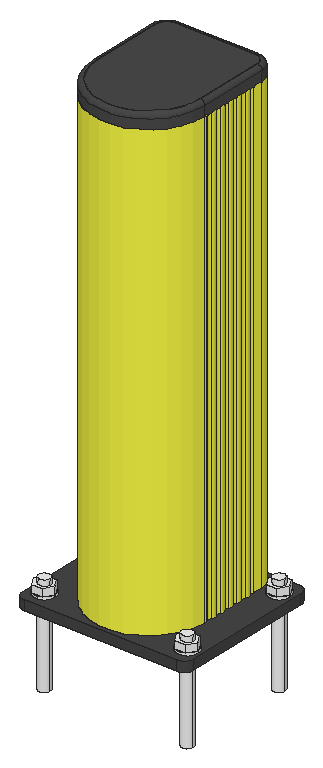
Revit family "Safety & Protection_Bollard_UltiGroup_Bollard GRD", category Generic Models, Revit 2016
Family settings
  Part Type = Normal
  Can host rebar = No
  Round Connector Dimension = Use Diameter
  OmniClass Number = 23.40.10.14.27
  OmniClass Title = Bollards
  Work Plane-Based = No
  Always vertical = Yes
  Cut with Voids When Loaded = No
  Shared = No
  Room Calculation Point = No
Parameters (values of type "Bollard GRD 150 500")
  URL = "www.ultigroup.co.nz"
  Toll Free Phone = "0800 807 753"
  StyleOrType_ANZRS = ""
  Bollard 90 Support Height = 150 mm
  Steel Black = Steel Black
  Stainless Steel = SS Bolts
  Send Message = "http://ultigroup.co.nz/contact-ulti-group/"
  SS Bolts = yes
  Plate Length 2 = 160 mm
  Plate Length 1 = 180 mm
  Phone = "07 974 4691"
  PVC Yellow = PVC Yellow
  PVC Post Insert = 10 mm
  PVC Black = PVC Black
  Bollard 90 Height - Plate = 240 mm
  Bollard GRD 90 = no
  Bollard GRD 150 = yes
  ModifiedIssue_ANZRS = 0
  Model = "Bollard GRD 150 500"
  Manufacturer = "UltiGroup"
  InstallationGroup_ANZRS = 0
  FireRating_ANZRS = ""
  FilterObject_ANZRS = ""
  Fax = "07 846 2467"
  Description = "Impactable PVC Bollard"
  CreatedBy_ANZRS = "UltiGroup"
  CreatedByURL_ANZRS = "www.ultigroup.co.nz"
  CreatedByPhoneNo_ANZRS = "07 974 4691"
  Bollard 150 Support Height = 300 mm
  Bollard 150 Height - Plate = 490 mm
  Address = "17 McKee Street, Te Rapa, Hamilton, 3200, New Zealand"
  AcousticRating_ANZRS = ""
Types (5, lengths in mm): name | Bollard GRD 90 | Bollard GRD 150 | Model | Bollard 150 Height - Plate
  (no name) | no | yes | "Bollard GRD 150 500" | 490
  Bollard GRD 150 500 | no | yes | "Bollard GRD 150 500" | 490
  Bollard GRD 90 250 | yes | no | "Bollard GRD 90 250" | 490
  Bollard GRD 150 800 | no | yes | "Bollard GRD 150 800" | 790
  Bollard GRD 150 1100 | no | yes | "Bollard GRD 150 1100" | 1090
Reference planes
  plane 1 "Center (Front/Back)": y = 0
  plane 2: z = 0
  plane 3 "Center (Left/Right)": x = 0
  plane 4: z = 250
  plane 5: x = -90
  plane 6: x = 90
  plane 7: y = 80
  plane 8: y = -80
  plane 9: z = 10
  plane 10: z = 235
  plane 11: y = 75.017
  plane 12: y = -75.093
  plane 13: x = 58.337
  plane 14: x = -58.327
  plane 15: z = 150
  plane 16: y = -35
  plane 17: y = 35
  plane 18: z = -80
  plane 19: y = 45
  plane 20: x = 35
  plane 21: x = -35
  plane 22: z = 300
  plane 23: z = 500
  plane 24: z = 485
  plane 25: x = -60
  plane 26: x = 60
  plane 27: y = 60
  plane 28: y = -60
Forms (mm)
  Extrusion 1, solid, material "Steel Black" <- "Steel Black", visible <- "Bollard GRD 150"
    sketch origin (-750, 0, 0) x (1, 0, 0) y (0, 1, 0)
      loop
        line (660, 70) -> (660, -70)
        arc (660, -70) -> (662.929, -77.071) -> (670, -80) r 10
        line (670, -80) -> (830, -80)
        arc (830, -80) -> (837.071, -77.071) -> (840, -70) r 10
        line (840, -70) -> (840, 70)
        arc (840, 70) -> (837.071, 77.071) -> (830, 80) r 10
        line (830, 80) -> (670, 80)
        arc (670, 80) -> (662.929, 77.071) -> (660, 70) r 10
      loop
        circle (825, 60) r 6
      loop
        circle (825, -60) r 6
      loop
        circle (675, -60) r 6
      loop
        circle (675, 60) r 6
    from 0 to 10
  Extrusion 2, solid, material "PVC Yellow" <- "PVC Yellow", visible <- "Bollard GRD 150"
    sketch origin (-3190.483, -1524, 10) x (-1, 0, 0) y (0, -1, 0)
      loop
        line (-3132.156, -1582.369) -> (-3132.156, -1572.129)
        arc (-3132.156, -1572.129) -> (-3132.241, -1571.604) -> (-3132.441, -1571.112) r 2.358
        arc (-3132.441, -1571.112) -> (-3132.98, -1568.416) -> (-3132.012, -1565.843) r 5.003
        arc (-3132.012, -1565.843) -> (-3131.325, -1563.045) -> (-3132.296, -1560.333) r 5
        arc (-3132.296, -1560.333) -> (-3132.985, -1557.53) -> (-3132.01, -1554.813) r 5
        arc (-3132.01, -1554.813) -> (-3131.324, -1552.015) -> (-3132.295, -1549.304) r 5
        arc (-3132.295, -1549.304) -> (-3132.984, -1546.5) -> (-3132.009, -1543.783) r 4.999
        arc (-3132.009, -1543.783) -> (-3131.323, -1540.986) -> (-3132.294, -1538.274) r 5.001
        arc (-3132.294, -1538.274) -> (-3132.985, -1535.469) -> (-3132.009, -1532.751) r 5
        arc (-3132.009, -1532.751) -> (-3131.324, -1529.954) -> (-3132.295, -1527.244) r 5
        arc (-3132.295, -1527.244) -> (-3132.986, -1524.438) -> (-3132.009, -1521.718) r 5
        arc (-3132.009, -1521.718) -> (-3131.324, -1518.921) -> (-3132.294, -1516.211) r 5
        arc (-3132.294, -1516.211) -> (-3132.986, -1513.91) -> (-3132.525, -1511.553) r 5
        arc (-3132.525, -1511.553) -> (-3132.29, -1510.786) -> (-3132.156, -1509.995) r 6.16
        line (-3132.156, -1509.995) -> (-3132.156, -1506.365)
        arc (-3132.156, -1506.365) -> (-3190.921, -1448.909) -> (-3248.82, -1507.241) r 58.333
        line (-3248.82, -1507.241) -> (-3248.82, -1509.88)
        arc (-3248.82, -1509.88) -> (-3248.689, -1510.729) -> (-3248.44, -1511.552) r 6.16
        arc (-3248.44, -1511.552) -> (-3247.999, -1514.162) -> (-3248.951, -1516.632) r 5
        arc (-3248.951, -1516.632) -> (-3249.643, -1519.438) -> (-3248.666, -1522.158) r 5
        arc (-3248.666, -1522.158) -> (-3247.98, -1524.955) -> (-3248.951, -1527.666) r 5
        arc (-3248.951, -1527.666) -> (-3249.643, -1530.471) -> (-3248.666, -1533.191) r 5
        arc (-3248.666, -1533.191) -> (-3247.982, -1535.987) -> (-3248.952, -1538.697) r 5
        arc (-3248.952, -1538.697) -> (-3249.643, -1541.502) -> (-3248.667, -1544.22) r 5
        arc (-3248.667, -1544.22) -> (-3247.982, -1547.016) -> (-3248.952, -1549.726) r 5
        arc (-3248.952, -1549.726) -> (-3249.643, -1552.531) -> (-3248.667, -1555.25) r 5
        arc (-3248.667, -1555.25) -> (-3247.982, -1558.046) -> (-3248.953, -1560.756) r 5
        arc (-3248.953, -1560.756) -> (-3249.643, -1563.561) -> (-3248.667, -1566.279) r 5
        arc (-3248.667, -1566.279) -> (-3247.978, -1568.668) -> (-3248.525, -1571.093) r 4.999
        arc (-3248.525, -1571.093) -> (-3248.732, -1571.591) -> (-3248.82, -1572.124) r 2.363
        line (-3248.82, -1572.124) -> (-3248.82, -1582.342)
        arc (-3248.82, -1582.342) -> (-3243.936, -1594.133) -> (-3232.145, -1599.017) r 16.675
        line (-3232.145, -1599.017) -> (-3148.804, -1599.017)
        arc (-3148.804, -1599.017) -> (-3137.032, -1594.141) -> (-3132.156, -1582.369) r 16.648
      loop
        line (-3232.149, -1507.334) -> (-3232.149, -1570.668)
        arc (-3232.149, -1570.668) -> (-3228.732, -1578.917) -> (-3220.483, -1582.334) r 11.666
        line (-3220.483, -1582.334) -> (-3160.682, -1582.334)
        arc (-3160.682, -1582.334) -> (-3152.304, -1578.989) -> (-3148.816, -1570.669) r 11.667
        line (-3148.816, -1570.669) -> (-3148.816, -1507.334)
        arc (-3148.816, -1507.334) -> (-3190.482, -1465.668) -> (-3232.149, -1507.334) r 41.667
    from 0 to 475
  Extrusion 3, solid, material "SS Bolts" <- "Stainless Steel", visible <- "Bollard GRD 150"
    sketch origin (-3190.483, -1524, -80) x (-1, 0, 0) y (0, -1, 0)
      loop
        circle (-3265.483, -1584) r 6
      loop
        circle (-3115.483, -1584) r 6
      loop
        circle (-3265.483, -1464) r 6
      loop
        circle (-3115.483, -1464) r 6
    from 0 to 105
  Extrusion 4, solid, material "SS Bolts" <- "Stainless Steel", visible <- "Bollard GRD 150"
    sketch origin (-750, 0, 10) x (1, 0, 0) y (0, 1, 0)
      loop
        circle (825, -60) r 6
      loop
        circle (675, -60) r 6
      loop
        circle (825, 60) r 6
      loop
        circle (675, 60) r 6
      loop
        circle (825, 60) r 11
      loop
        circle (675, 60) r 11
      loop
        circle (675, -60) r 11
      loop
        circle (825, -60) r 11
    from 0 to 2
  Extrusion 5, solid, material "SS Bolts" <- "Stainless Steel", visible <- "Bollard GRD 150"
    sketch origin (-750, 0, 12) x (1, 0, 0) y (0, 1, 0)
      loop
        circle (825, -60) r 6
      loop
        circle (675, -60) r 6
      loop
        circle (675, 60) r 6
      loop
        circle (825, 60) r 6
      loop
        line (686, 60) -> (680.5, 69.526) -> (669.5, 69.526) -> (664, 60) -> (669.5, 50.474) -> (680.5, 50.474) -> (686, 60)
      loop
        line (836, 60) -> (830.5, 69.526) -> (819.5, 69.526) -> (814, 60) -> (819.5, 50.474) -> (830.5, 50.474) -> (836, 60)
      loop
        line (836, -60) -> (830.5, -50.474) -> (819.5, -50.474) -> (814, -60) -> (819.5, -69.526) -> (830.5, -69.526) -> (836, -60)
      loop
        line (686, -60) -> (680.5, -50.474) -> (669.5, -50.474) -> (664, -60) -> (669.5, -69.526) -> (680.5, -69.526) -> (686, -60)
    from 0 to 8
  Extrusion 6, solid, material "SS Bolts" <- "Stainless Steel", visible <- "Bollard GRD 150"
    sketch origin (-750, 0, 0) x (1, 0, 0) y (0, 1, 0)
      loop
        arc (720.199, 58.334) -> (711.821, 54.989) -> (708.333, 46.669) r 11.667
        line (708.333, 46.669) -> (708.333, -16.666)
        arc (708.333, -16.666) -> (749.999, -58.332) -> (791.666, -16.666) r 41.667
        line (791.666, -16.666) -> (791.666, 46.668)
        arc (791.666, 46.668) -> (788.249, 54.917) -> (780, 58.334) r 11.666
        line (780, 58.334) -> (720.199, 58.334)
      loop
        arc (720.181, 56.334) -> (713.228, 53.568) -> (710.333, 46.669) r 9.667
        line (710.333, 46.669) -> (710.333, -16.666)
        arc (710.333, -16.666) -> (749.999, -56.332) -> (789.666, -16.666) r 39.667
        line (789.666, -16.666) -> (789.666, 46.668)
        arc (789.666, 46.668) -> (786.835, 53.503) -> (780, 56.334) r 9.666
        line (780, 56.334) -> (720.181, 56.334)
    from 0 to 300
  Extrusion 7, solid, material "PVC Yellow" <- "PVC Yellow", visible <- "Bollard GRD 90"
    sketch origin (-3190.483, -1524, 10) x (-1, 0, 0) y (0, -1, 0)
      loop
        line (-3215.483, -1569) -> (-3165.483, -1569)
        arc (-3165.483, -1569) -> (-3158.412, -1566.07) -> (-3155.483, -1558.999) r 10
        line (-3155.483, -1558.999) -> (-3155.483, -1553.03)
        arc (-3155.483, -1553.03) -> (-3155.516, -1552.63) -> (-3155.659, -1552.256) r 1.417
        arc (-3155.659, -1552.256) -> (-3155.987, -1550.8) -> (-3155.573, -1549.367) r 3
        arc (-3155.573, -1549.367) -> (-3154.988, -1547.736) -> (-3155.402, -1546.053) r 3
        arc (-3155.402, -1546.053) -> (-3155.984, -1544.427) -> (-3155.573, -1542.749) r 3
        arc (-3155.573, -1542.749) -> (-3154.987, -1541.118) -> (-3155.402, -1539.435) r 3
        arc (-3155.402, -1539.435) -> (-3155.984, -1537.809) -> (-3155.573, -1536.132) r 3
        arc (-3155.573, -1536.132) -> (-3154.987, -1534.5) -> (-3155.402, -1532.818) r 3
        arc (-3155.402, -1532.818) -> (-3155.984, -1531.192) -> (-3155.573, -1529.514) r 3
        arc (-3155.573, -1529.514) -> (-3154.987, -1527.882) -> (-3155.402, -1526.199) r 3
        arc (-3155.402, -1526.199) -> (-3155.985, -1524.572) -> (-3155.573, -1522.894) r 3
        arc (-3155.573, -1522.894) -> (-3154.987, -1521.262) -> (-3155.402, -1519.579) r 3
        arc (-3155.402, -1519.579) -> (-3155.974, -1518.097) -> (-3155.708, -1516.531) r 3
        arc (-3155.708, -1516.531) -> (-3155.563, -1516.051) -> (-3155.483, -1515.556) r 3.696
        line (-3155.483, -1515.556) -> (-3155.483, -1514.04)
        arc (-3155.483, -1514.04) -> (-3190.483, -1479.04) -> (-3225.483, -1514.04) r 35
        line (-3225.483, -1514.04) -> (-3225.483, -1515.557)
        arc (-3225.483, -1515.557) -> (-3225.403, -1516.052) -> (-3225.258, -1516.531) r 3.696
        arc (-3225.258, -1516.531) -> (-3224.981, -1517.945) -> (-3225.396, -1519.325) r 3
        arc (-3225.396, -1519.325) -> (-3225.979, -1520.952) -> (-3225.568, -1522.63) r 3
        arc (-3225.568, -1522.63) -> (-3224.982, -1524.262) -> (-3225.396, -1525.946) r 3
        arc (-3225.396, -1525.946) -> (-3225.979, -1527.572) -> (-3225.568, -1529.25) r 3
        arc (-3225.568, -1529.25) -> (-3224.982, -1530.881) -> (-3225.397, -1532.564) r 3
        arc (-3225.397, -1532.564) -> (-3225.979, -1534.19) -> (-3225.568, -1535.868) r 3
        arc (-3225.568, -1535.868) -> (-3224.982, -1537.499) -> (-3225.397, -1539.182) r 3
        arc (-3225.397, -1539.182) -> (-3225.979, -1540.808) -> (-3225.568, -1542.485) r 3
        arc (-3225.568, -1542.485) -> (-3224.982, -1544.117) -> (-3225.397, -1545.8) r 3
        arc (-3225.397, -1545.8) -> (-3225.979, -1547.426) -> (-3225.568, -1549.103) r 3
        arc (-3225.568, -1549.103) -> (-3224.979, -1550.815) -> (-3225.483, -1552.554) r 3
        line (-3225.483, -1552.554) -> (-3225.483, -1559)
        arc (-3225.483, -1559) -> (-3222.554, -1566.071) -> (-3215.483, -1569) r 10
      loop
        arc (-3165.483, -1514) -> (-3190.483, -1489) -> (-3215.483, -1514) r 25
        line (-3215.483, -1514) -> (-3215.483, -1552)
        arc (-3215.483, -1552) -> (-3213.391, -1556.992) -> (-3208.364, -1558.999) r 7
        line (-3208.364, -1558.999) -> (-3172.483, -1558.999)
        arc (-3172.483, -1558.999) -> (-3167.534, -1556.949) -> (-3165.483, -1551.999) r 7
        line (-3165.483, -1551.999) -> (-3165.483, -1514)
    from 0 to 225
  Extrusion 8, solid, material "PVC Black" <- "PVC Black", visible <- "Bollard GRD 90"
    sketch origin (-3190.483, -1524, 235) x (-1, 0, 0) y (0, -1, 0)
      loop
        line (-3160.483, -1558.999) -> (-3160.483, -1514.04)
        arc (-3160.483, -1514.04) -> (-3190.517, -1484.04) -> (-3220.483, -1514.107) r 30
        line (-3220.483, -1514.107) -> (-3220.483, -1559)
        arc (-3220.483, -1559) -> (-3219.018, -1562.535) -> (-3215.483, -1564) r 5
        line (-3215.483, -1564) -> (-3165.484, -1564)
        arc (-3165.484, -1564) -> (-3161.948, -1562.535) -> (-3160.483, -1558.999) r 5
    from 0 to 15
  Extrusion 9, solid, material "SS Bolts" <- "Stainless Steel", visible <- "Bollard GRD 90"
    sketch origin (-750, 0, 10) x (1, 0, 0) y (0, 1, 0)
      loop
        arc (725, -10) -> (750, -35) -> (775, -10) r 25
        line (775, -10) -> (775, 28)
        arc (775, 28) -> (772.907, 32.992) -> (767.88, 34.999) r 7
        line (767.88, 34.999) -> (732, 34.999)
        arc (732, 34.999) -> (727.05, 32.949) -> (725, 27.999) r 7
        line (725, 27.999) -> (725, -10)
      loop
        arc (773, 28) -> (771.5, 31.571) -> (767.899, 32.999) r 5
        line (767.899, 32.999) -> (732, 32.999)
        arc (732, 32.999) -> (728.465, 31.535) -> (727, 27.999) r 5
        line (727, 27.999) -> (727, -10)
        arc (727, -10) -> (750, -33) -> (773, -10) r 23
        line (773, -10) -> (773, 28)
    from 0 to 140
  Sweep 10, solid, material "PVC Black" <- "PVC Black", visible <- "Bollard GRD 90"
    path in 3D
      loop
        arc (-25, 44.999, 235) -> (-32.071, 42.07, 235) -> (-35, 34.999, 235) r 10
        line (-35, 34.999, 235) -> (-35, -9.96, 235)
        arc (-35, -9.96, 235) -> (0, -44.96, 235) -> (35, -9.96, 235) r 35
        line (35, -9.96, 235) -> (35, 35, 235)
        arc (35, 35, 235) -> (32.071, 42.071, 235) -> (25, 45, 235) r 10
        line (25, 45, 235) -> (-25, 44.999, 235)
    profile origin (0, 45, 235) x (0, -1, 0) y (0, 0, 1)
      loop
        line (0, 10) -> (0, 0) -> (5, 0) -> (5, 15)
        arc (5, 15) -> (1.465, 13.536) -> (0, 10) r 5
  Sweep 11, solid, material "PVC Black" <- "PVC Black", visible <- "Bollard GRD 150"
    path in 3D
      loop
        arc (-41.679, 75.017, 485) -> (-53.451, 70.141, 485) -> (-58.327, 58.369, 485) r 16.648
        line (-58.327, 58.369, 485) -> (-58.327, -17.635, 485)
        arc (-58.327, -17.635, 485) -> (0.437, -75.091, 485) -> (58.333, -16.759, 485) r 58.333
        line (58.333, -16.759, 485) -> (58.337, 58.342, 485)
        arc (58.337, 58.342, 485) -> (53.453, 70.133, 485) -> (41.662, 75.017, 485) r 16.675
        line (41.662, 75.017, 485) -> (-41.679, 75.017, 485)
    profile origin (-0.009, 75.017, 485) x (0, -1, 0) y (0, 0, 1)
      loop
        line (5, 0) -> (5, 15)
        arc (5, 15) -> (1.464, 13.536) -> (0, 10) r 5
        line (0, 10) -> (0, 0) -> (5, 0)
  Extrusion 12, solid, material "PVC Black" <- "PVC Black", visible <- "Bollard GRD 150"
    sketch origin (-2440.483, -1524, 485) x (-1, 0, 0) y (0, -1, 0)
      loop
        arc (-2387.156, -1506.403) -> (-2440.901, -1453.909) -> (-2493.82, -1507.241) r 53.333
        line (-2493.82, -1507.241) -> (-2493.82, -1582.342)
        arc (-2493.82, -1582.342) -> (-2490.4, -1590.597) -> (-2482.145, -1594.017) r 11.675
        line (-2482.145, -1594.017) -> (-2398.804, -1594.017)
        arc (-2398.804, -1594.017) -> (-2390.568, -1590.605) -> (-2387.156, -1582.369) r 11.648
        line (-2387.156, -1582.369) -> (-2387.156, -1506.403)
    from 0 to 15
  Extrusion 13, solid, material "Steel Black" <- "Steel Black", visible <- "Bollard GRD 90"
    sketch origin (0, 0, 0) x (1, 0, 0) y (0, 1, 0)
      loop
        arc (-50, 60) -> (-57.071, 57.071) -> (-60, 50) r 10
        line (-60, 50) -> (-60, -50)
        arc (-60, -50) -> (-57.071, -57.071) -> (-50, -60) r 10
        line (-50, -60) -> (50, -60)
        arc (50, -60) -> (57.071, -57.071) -> (60, -50) r 10
        line (60, -50) -> (60, 50)
        arc (60, 50) -> (57.071, 57.071) -> (50, 60) r 10
        line (50, 60) -> (-50, 60)
      loop
        circle (45, 45) r 5
      loop
        circle (45, -45) r 5
      loop
        circle (-45, 45) r 5
      loop
        circle (-45, -45) r 5
    from 0 to 10
  Extrusion 14, solid, material "SS Bolts" <- "Stainless Steel", visible <- "Bollard GRD 90"
    sketch origin (-2440.483, -1524, -80) x (-1, 0, 0) y (0, -1, 0)
      loop
        circle (-2485.483, -1569) r 5
      loop
        circle (-2395.483, -1569) r 5
      loop
        circle (-2395.483, -1479) r 5
      loop
        circle (-2485.483, -1479) r 5
    from 0 to 105
  Extrusion 15, solid, material "SS Bolts" <- "Stainless Steel", visible <- "Bollard GRD 90"
    sketch origin (-2440.483, -1524, 10) x (-1, 0, 0) y (0, -1, 0)
      loop
        circle (-2485.483, -1569) r 11
      loop
        circle (-2485.483, -1479) r 11
      loop
        circle (-2395.483, -1479) r 11
      loop
        circle (-2395.483, -1569) r 11
    from 0 to 2
  Extrusion 16, solid, material "SS Bolts" <- "Stainless Steel", visible <- "Bollard GRD 90"
    sketch origin (-2440.483, -1524, 10) x (-1, 0, 0) y (0, -1, 0)
      loop
        line (-2405.483, -1569) -> (-2400.483, -1577.66) -> (-2390.483, -1577.66) -> (-2385.483, -1569) -> (-2390.483, -1560.34) -> (-2400.483, -1560.34) -> (-2405.483, -1569)
      loop
        circle (-2395.483, -1569) r 5
      loop
        line (-2495.483, -1569) -> (-2490.483, -1577.66) -> (-2480.483, -1577.66) -> (-2475.483, -1569) -> (-2480.483, -1560.34) -> (-2490.483, -1560.34) -> (-2495.483, -1569)
      loop
        circle (-2485.483, -1569) r 5
      loop
        line (-2405.483, -1479) -> (-2400.483, -1487.66) -> (-2390.483, -1487.66) -> (-2385.483, -1479) -> (-2390.483, -1470.34) -> (-2400.483, -1470.34) -> (-2405.483, -1479)
      loop
        circle (-2395.483, -1479) r 5
      loop
        line (-2495.483, -1479) -> (-2490.483, -1487.66) -> (-2480.483, -1487.66) -> (-2475.483, -1479) -> (-2480.483, -1470.34) -> (-2490.483, -1470.34) -> (-2495.483, -1479)
      loop
        circle (-2485.483, -1479) r 5
    from 0 to 10
Cuts and joins
  joined: Extrusion 14, Extrusion 15, Extrusion 16
Lines and regions (mm)
  sketch lines
    curve 1: line (25, 45, 235) -> (-25, 45, 235)
    curve 2: arc (-35, 34.999, 235) -> (-32.071, 42.07, 235) -> (-25, 44.999, 235) r 10
    curve 3: line (-35, 34.999, 235) -> (-35, -9.96, 235)
    curve 4: arc (35, -9.96, 235) -> (0, -44.96, 235) -> (-35, -9.96, 235) r 35
    curve 5: line (35, -9.96, 235) -> (35, 35, 235)
    curve 6: arc (25, 45, 235) -> (32.071, 42.071, 235) -> (35, 35, 235) r 10
    curve 7: line (41.662, 75.017, 485) -> (-41.679, 75.017, 485)
    curve 8: arc (-58.327, 58.369, 485) -> (-53.451, 70.141, 485) -> (-41.679, 75.017, 485) r 16.648
    curve 9: line (-58.327, 58.369, 485) -> (-58.327, -17.635, 485)
    curve 10: arc (58.333, -16.759, 485) -> (0.437, -75.091, 485) -> (-58.327, -17.635, 485) r 58.333
    curve 11: line (58.337, -16.759, 485) -> (58.337, 58.342, 485)
    curve 12: arc (41.662, 75.017, 485) -> (53.453, 70.133, 485) -> (58.337, 58.342, 485) r 16.675
Dimensions and locks
  plane 5 to plane 6 = 180 mm
  equal spacing: plane 7, plane 1 "Center (Front/Back)", plane 8
  "Plate Length 2": plane 7 to plane 8
  "Plate Length 1": plane 5 to plane 6
  locked: plane 4 to plane 10 at 15
  locked: plane 7 to plane 11 at 4.983
  locked: plane 12 to plane 8 at 4.907
  locked: plane 6 to plane 13 at 31.663
  locked: plane 14 to plane 5 at 31.673
  "Bollard 90 Support Height": plane 15 to level
  locked: plane 16 to plane 1 "Center (Front/Back)" at 35
  locked: plane 1 "Center (Front/Back)" to plane 17 at 35
  "PVC Post Insert": plane 9 to level
  "Bollard 90 Height - Plate": plane 4 to plane 9
  locked: level to plane 18 at 80
  locked: plane 11 to plane 19 at 30.017
  locked: plane 13 to plane 20 at 23.337
  locked: plane 21 to plane 14 at 23.327
  locked: plane 21 to plane 3 "Center (Left/Right)" at 35
  locked: plane 3 "Center (Left/Right)" to plane 20 at 35
  "Bollard 150 Support Height": plane 22 to level
  locked: plane 23 to plane 24 at 15
  "Bollard 150 Height - Plate": plane 23 to plane 9
  locked: plane 25 to plane 3 "Center (Left/Right)" at 60
  locked: plane 3 "Center (Left/Right)" to plane 26 at 60
  locked: plane 1 "Center (Front/Back)" to plane 27 at 60
  locked: plane 28 to plane 1 "Center (Front/Back)" at 60
  aligned and locked: level to plane 2
  aligned and locked: Extrusion 1 sketch curve to plane 5
  aligned and locked: Extrusion 1 sketch curve to plane 6
  aligned and locked: plane 14 to Extrusion 2 sketch curve
  aligned and locked: plane 13 to Extrusion 2 sketch curve
  aligned and locked: plane 4 to Extrusion 8
  aligned and locked: plane 15 to Extrusion 9
  aligned and locked: Extrusion 7 to plane 10
  aligned and locked: profile plane to Sweep 10 sketch curve  (x2)
  aligned and locked: Sweep 10 sketch curve to Extrusion 8
  aligned and locked: plane 22 to Extrusion 6
  aligned and locked: Extrusion 2 to plane 24
  aligned and locked: profile plane to Sweep 11 sketch curve  (x2)
  aligned and locked: Sweep 11 to Extrusion 12 sketch curve
  aligned and locked: Extrusion 12 sketch curve to Sweep 11  (x3)
  aligned and locked: plane 23 to Extrusion 12
  aligned and locked: Extrusion 13 sketch curve to plane 27
  aligned and locked: Extrusion 13 sketch curve to plane 28
  aligned and locked: plane 26 to Extrusion 13 sketch curve
  aligned and locked: plane 25 to Extrusion 13 sketch curve
  aligned and locked: plane 9 to Extrusion 13
  aligned and locked: Extrusion 14 sketch curve to Extrusion 13  (x8)
  aligned and locked: Extrusion 16 sketch curve to cut or joined group of Extrusion 14, Extrusion 15, Extrusion 16  (x8)
Automatic sketch dimensions
  Extrusion 1 sketch curve to plane 7 = 0 mm
  Extrusion 1 sketch curve to plane 8 = 0 mm
  Extrusion 1 sketch curve to plane 11 = 5.017 mm
  plane 5 to Extrusion 1 sketch curve = 10 mm
  Extrusion 1 sketch curve to Extrusion 1 sketch curve = 5 mm  (x2)
  Extrusion 1 sketch curve to plane 6 = 15 mm  (x2)
  Extrusion 1 sketch curve to plane 6 = 10 mm
  plane 12 to Extrusion 1 sketch curve = 5.093 mm
  Extrusion 1 sketch curve to Extrusion 1 sketch curve = 10 mm  (x4)
  Extrusion 2 sketch curve to plane 13 = 0 mm
  plane 11 to Extrusion 2 sketch curve = 0 mm
  Extrusion 2 sketch curve to plane 14 = 0 mm
  Extrusion 2 sketch curve to plane 1 "Center (Front/Back)" = 0.696 mm  (x2)
  Extrusion 2 sketch curve to plane 13 = 4.154 mm  (x2)
  Extrusion 2 sketch curve to plane 13 = 4.155 mm  (x3)
  Extrusion 2 sketch curve to plane 17 = 1.213 mm
  plane 19 to Extrusion 2 sketch curve = 0.184 mm
  Extrusion 2 sketch curve to plane 13 = 4.156 mm
  plane 13 to Extrusion 2 sketch curve = 2.361 mm
  plane 13 to Extrusion 2 sketch curve = 4.17 mm
  plane 13 to Extrusion 2 sketch curve = 4.171 mm  (x4)
  plane 13 to Extrusion 2 sketch curve = 6.139 mm
  Extrusion 2 sketch curve to plane 19 = 1.668 mm
  Extrusion 2 sketch curve to plane 20 = 6.666 mm
  Extrusion 2 sketch curve to plane 20 = 6.662 mm
  plane 20 to Extrusion 2 sketch curve = 5 mm
  Extrusion 2 sketch curve to plane 21 = 5.199 mm
  Extrusion 2 sketch curve to plane 19 = 1.669 mm
  plane 21 to Extrusion 2 sketch curve = 6.679 mm
  Extrusion 2 sketch curve to plane 14 = 6.128 mm
  Extrusion 2 sketch curve to plane 14 = 4.163 mm
  Extrusion 2 sketch curve to plane 14 = 4.162 mm
  Extrusion 2 sketch curve to plane 14 = 4.161 mm  (x3)
  Extrusion 2 sketch curve to plane 14 = 2.355 mm
  plane 19 to Extrusion 2 sketch curve = 0.178 mm
  plane 14 to Extrusion 2 sketch curve = 4.162 mm
  plane 14 to Extrusion 2 sketch curve = 4.163 mm
  Extrusion 2 sketch curve to plane 17 = 1.211 mm
  plane 14 to Extrusion 2 sketch curve = 4.164 mm  (x3)
  plane 14 to Extrusion 2 sketch curve = 4.165 mm
  Extrusion 2 sketch curve to plane 19 = 3.242 mm  (x2)
  Extrusion 2 sketch curve to Extrusion 2 sketch curve = 0.112 mm
  Extrusion 2 sketch curve to Extrusion 2 sketch curve = 0.118 mm
  plane 17 to Extrusion 2 sketch curve = 4.303 mm  (x2)
  Extrusion 2 sketch curve to plane 17 = 6.726 mm
  Extrusion 2 sketch curve to plane 17 = 6.727 mm
  Extrusion 2 sketch curve to Extrusion 2 sketch curve = 5.515 mm
  Extrusion 2 sketch curve to Extrusion 2 sketch curve = 5.516 mm  (x2)
  Extrusion 2 sketch curve to Extrusion 2 sketch curve = 5.514 mm  (x2)
  Extrusion 2 sketch curve to Extrusion 2 sketch curve = 5.517 mm  (x2)
  Extrusion 2 sketch curve to plane 1 "Center (Front/Back)" = 6.214 mm  (x2)
  plane 1 "Center (Front/Back)" to Extrusion 2 sketch curve = 4.82 mm  (x2)
  Extrusion 2 sketch curve to Extrusion 2 sketch curve = 5.518 mm
  Extrusion 2 sketch curve to Extrusion 2 sketch curve = 3.668 mm
  Extrusion 2 sketch curve to Extrusion 2 sketch curve = 3.782 mm
  Extrusion 2 sketch curve to Extrusion 2 sketch curve = 0.628 mm
  Extrusion 2 sketch curve to Extrusion 2 sketch curve = 0.514 mm
  plane 1 "Center (Front/Back)" to Extrusion 2 sketch curve = 16.666 mm
  Extrusion 2 sketch curve to Extrusion 2 sketch curve = 0.094 mm
  Extrusion 2 sketch curve to Extrusion 2 sketch curve = 3.63 mm
  Extrusion 2 sketch curve to plane 13 = 0.131 mm  (x2)
  Extrusion 2 sketch curve to plane 13 = 0.132 mm  (x2)
  Extrusion 2 sketch curve to plane 13 = 0.133 mm
  plane 13 to Extrusion 2 sketch curve = 0.153 mm  (x3)
  plane 13 to Extrusion 2 sketch curve = 0.154 mm  (x2)
  plane 13 to Extrusion 2 sketch curve = 0.295 mm
  Extrusion 2 sketch curve to plane 14 = 0.369 mm
  Extrusion 2 sketch curve to plane 14 = 0.285 mm
  Extrusion 2 sketch curve to plane 14 = 0.14 mm
  Extrusion 2 sketch curve to plane 14 = 0.139 mm  (x2)
  Extrusion 2 sketch curve to plane 14 = 0.138 mm  (x2)
  plane 14 to Extrusion 2 sketch curve = 0.144 mm
  plane 14 to Extrusion 2 sketch curve = 0.146 mm
  plane 14 to Extrusion 2 sketch curve = 0.147 mm  (x2)
  Extrusion 2 sketch curve to Extrusion 2 sketch curve = 0 mm
  Extrusion 5 sketch curve to Extrusion 5 sketch curve = 5 mm  (x8)
  Extrusion 5 sketch curve to Extrusion 5 sketch curve = 0.5 mm  (x16)
  Extrusion 5 sketch curve to Extrusion 5 sketch curve = 0 mm  (x8)
  Extrusion 5 sketch curve to Extrusion 5 sketch curve = 9.526 mm  (x8)
  Extrusion 6 sketch curve to Extrusion 6 sketch curve = 0 mm  (x8)
  Extrusion 6 sketch curve to plane 19 = 1.669 mm
  plane 21 to Extrusion 6 sketch curve = 6.668 mm
  Extrusion 6 sketch curve to Extrusion 6 sketch curve = 2 mm
  Extrusion 6 sketch curve to plane 21 = 4.999 mm
  Extrusion 6 sketch curve to plane 21 = 5.181 mm
  plane 20 to Extrusion 6 sketch curve = 5 mm
  plane 1 "Center (Front/Back)" to Extrusion 6 sketch curve = 16.666 mm
  plane 19 to Extrusion 7 sketch curve = 0 mm
  plane 21 to Extrusion 7 sketch curve = 2.496 mm
  plane 21 to Extrusion 7 sketch curve = 2.495 mm  (x5)
  Extrusion 7 sketch curve to plane 1 "Center (Front/Back)" = 0.417 mm  (x2)
  plane 21 to Extrusion 7 sketch curve = 0 mm  (x2)
  Extrusion 7 sketch curve to plane 21 = 1.415 mm
  Extrusion 7 sketch curve to plane 21 = 2.5 mm  (x5)
  Extrusion 7 sketch curve to plane 21 = 3.681 mm
  Extrusion 7 sketch curve to Extrusion 7 sketch curve = 6.319 mm  (x2)
  Extrusion 7 sketch curve to plane 17 = 0.001 mm  (x2)
  Extrusion 7 sketch curve to Extrusion 7 sketch curve = 0 mm  (x5)
  Extrusion 7 sketch curve to Extrusion 7 sketch curve = 7 mm
  Extrusion 7 sketch curve to Extrusion 7 sketch curve = 7.12 mm
  Extrusion 7 sketch curve to plane 17 = 7 mm
  Extrusion 7 sketch curve to plane 17 = 0 mm
  plane 20 to Extrusion 7 sketch curve = 3.681 mm
  plane 20 to Extrusion 7 sketch curve = 2.5 mm  (x5)
  Extrusion 7 sketch curve to plane 20 = 0 mm  (x2)
  Extrusion 7 sketch curve to plane 20 = 2.495 mm  (x3)
  Extrusion 7 sketch curve to plane 20 = 2.496 mm  (x3)
  Extrusion 7 sketch curve to plane 17 = 6.056 mm
  Extrusion 7 sketch curve to Extrusion 7 sketch curve = 6.445 mm
  Extrusion 7 sketch curve to Extrusion 7 sketch curve = 2.055 mm
  Extrusion 7 sketch curve to Extrusion 7 sketch curve = 1.665 mm
  Extrusion 7 sketch curve to Extrusion 7 sketch curve = 4.973 mm
  Extrusion 7 sketch curve to Extrusion 7 sketch curve = 5.364 mm
  Extrusion 7 sketch curve to Extrusion 7 sketch curve = 3.309 mm  (x6)
  Extrusion 7 sketch curve to Extrusion 7 sketch curve = 3.308 mm  (x4)
  Extrusion 7 sketch curve to plane 1 "Center (Front/Back)" = 3.728 mm  (x2)
  plane 1 "Center (Front/Back)" to Extrusion 7 sketch curve = 2.893 mm  (x2)
  Extrusion 7 sketch curve to Extrusion 7 sketch curve = 3.311 mm  (x2)
  Extrusion 7 sketch curve to Extrusion 7 sketch curve = 2.24 mm  (x2)
  Extrusion 7 sketch curve to Extrusion 7 sketch curve = 0.337 mm
  Extrusion 7 sketch curve to Extrusion 7 sketch curve = 0.338 mm
  Extrusion 7 sketch curve to Extrusion 7 sketch curve = 1.516 mm
  Extrusion 7 sketch curve to Extrusion 7 sketch curve = 0.041 mm
  plane 21 to Extrusion 7 sketch curve = 0.082 mm  (x2)
  plane 21 to Extrusion 7 sketch curve = 0.081 mm  (x3)
  Extrusion 7 sketch curve to plane 21 = 0.09 mm  (x5)
  Extrusion 7 sketch curve to plane 21 = 0.176 mm
  Extrusion 7 sketch curve to plane 21 = 0.225 mm
  plane 20 to Extrusion 7 sketch curve = 0.225 mm
  plane 20 to Extrusion 7 sketch curve = 0.087 mm  (x2)
  plane 20 to Extrusion 7 sketch curve = 0.086 mm  (x3)
  plane 20 to Extrusion 7 sketch curve = 0 mm
  Extrusion 7 sketch curve to plane 20 = 0.085 mm  (x4)
  Extrusion 9 sketch curve to Extrusion 9 sketch curve = 0 mm  (x6)
  Extrusion 9 sketch curve to Extrusion 9 sketch curve = 0.019 mm
  Extrusion 3 sketch curve to Extrusion 3 sketch curve = 0 mm  (x8)
  Extrusion 3 sketch curve to plane 6 = 15 mm  (x2)
  plane 5 to Extrusion 3 sketch curve = 15 mm  (x2)
  Extrusion 3 sketch curve to plane 19 = 15 mm  (x2)
  plane 12 to Extrusion 3 sketch curve = 15.093 mm  (x2)
  Extrusion 3 sketch curve to Extrusion 3 sketch curve = 6 mm  (x4)
  Extrusion 8 sketch curve to Extrusion 7 = 0 mm
  Extrusion 2 sketch curve to plane 3 "Center (Left/Right)" = 0 mm
  Extrusion 2 sketch curve to plane 3 "Center (Left/Right)" = 0.001 mm
  Extrusion 6 sketch curve to plane 3 "Center (Left/Right)" = 0.001 mm
  Sweep 10 sketch curve to Sweep 10 sketch curve = 10 mm
  Sweep 11 sketch curve to Sweep 11 sketch curve = 5 mm
  Sweep 11 sketch curve to Sweep 11 sketch curve = 0 mm  (x2)
  profile plane to Sweep 11 sketch curve = 10 mm
  Extrusion 12 sketch curve to Extrusion 12 sketch curve = 0 mm
  Extrusion 13 sketch curve to plane 19 = 5 mm  (x2)
  Extrusion 13 sketch curve to plane 26 = 0 mm
  Extrusion 13 sketch curve to plane 14 = 8.327 mm
  Extrusion 13 sketch curve to Extrusion 13 sketch curve = 5 mm  (x3)
  plane 13 to Extrusion 13 sketch curve = 13.337 mm
  plane 13 to Extrusion 13 sketch curve = 8.337 mm
  Extrusion 13 sketch curve to plane 16 = 10 mm  (x2)
  plane 17 to Extrusion 13 sketch curve = 10 mm  (x2)
  plane 13 to Extrusion 15 sketch curve = 13.337 mm  (x2)
  Extrusion 15 sketch curve to plane 14 = 13.327 mm  (x2)
  plane 17 to Extrusion 15 sketch curve = 10 mm  (x2)
  Extrusion 15 sketch curve to plane 16 = 10 mm  (x2)
  plane 19 to Extrusion 16 sketch curve = 0 mm  (x4)
  plane 21 to Extrusion 16 sketch curve = 0 mm  (x2)
  plane 21 to Extrusion 16 sketch curve = 5 mm  (x3)
  plane 17 to Extrusion 16 sketch curve = 1.34 mm  (x2)
  Extrusion 16 sketch curve to Extrusion 16 sketch curve = 5 mm
  Extrusion 16 sketch curve to plane 14 = 8.327 mm  (x4)
  Extrusion 16 sketch curve to plane 14 = 3.327 mm  (x2)
  Extrusion 16 sketch curve to plane 27 = 6.34 mm  (x2)
  plane 13 to Extrusion 16 sketch curve = 8.337 mm  (x4)
  plane 13 to Extrusion 16 sketch curve = 3.337 mm  (x2)
  Extrusion 16 sketch curve to plane 20 = 5 mm  (x4)
  Extrusion 16 sketch curve to plane 20 = 0 mm  (x2)
  Extrusion 16 sketch curve to plane 16 = 1.34 mm  (x2)
  Extrusion 16 sketch curve to Extrusion 16 sketch curve = 0 mm  (x4)
  plane 28 to Extrusion 16 sketch curve = 6.34 mm  (x2)
  radius of Extrusion 1 sketch curve = 6 mm  (x4)
  radius of Extrusion 4 sketch curve to Extrusion 1 = 0 mm  (x4)
  radius of Extrusion 1 to Extrusion 4 sketch curve = 5 mm  (x4)
  radius of Extrusion 5 sketch curve to Extrusion 4 = 0 mm  (x4)
  radius of Extrusion 8 sketch curve to Extrusion 7 = 5 mm  (x2)
  radius of Extrusion 13 sketch curve = 5 mm  (x4)
  radius of Extrusion 15 sketch curve = 11 mm  (x4)
